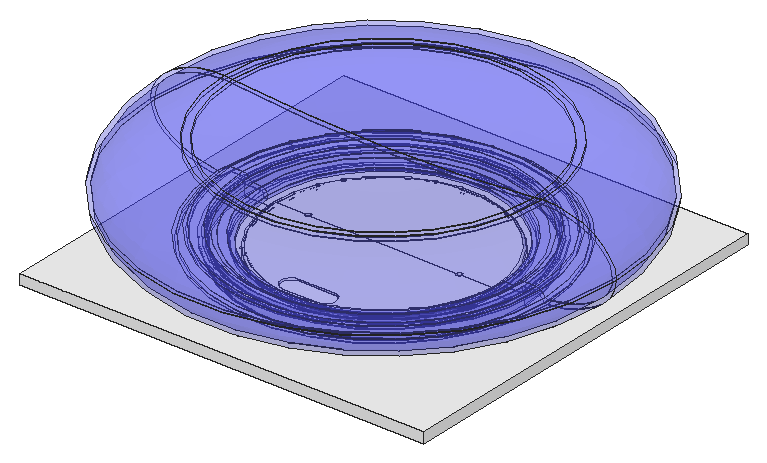
Revit family "BE_23322_de_DE", category Leuchten, Revit 2015
Parameters (values of type "BEGA_23322_K4")
  built-in parameter 1150104 = 12.627 (stored number, unit not read)
  Wattage = 17.4 W
  Default Elevation = 0 mm
  built-in parameter 1150113 = 1 (stored number, unit not read)
  built-in parameter 1114218 = 1 (stored number, unit not read)
  Umgebungstemperatur = ""
  URL = "http://www.bega.de/produkt/23322"
  Typenkommentare = "© 2017 BEGA. Wir behalten uns das Recht vor, technische Änderungen ohne vorherige Ankündigung vorzunehmen."  # constant formula
  built-in parameter 1150134 = 12
  built-in parameter 1150109 = 1 (stored number, unit not read)
  Strom = ""
  built-in parameter 1150110 = 1 (stored number, unit not read)
  Spannung = 239.996 V
  Sonderanfertigung = no
  Seriennummer [instance] = "Hier können Sie die eindeutige Seriennummer für das Facility Management eintragen."
  Schutzklasse = "I"
  Schutzart = "IP 20"
  Scheinlast = 0 VA
  Produktdatenblatt = "http://www.bega.de/download/Xrfa/db/23322.db.de.pdf"
  Oberflächentemperatur = ""
  Neigungswinkel = 0.00°
  Modell = "23322K4"
  Material_17 = BEGA_Reflektor
  Material_15 = BEGA_Leuchtmedium_matt
  Material_11 = BEGA_Glas_opal
  Material_09 = BEGA_Glas_klar
  Material_06 = BEGA_Oberfläche_Edelstahl_gebürstet
  Material_05 = BEGA_Oberfläche_Aluminium Guss
  Material_03 = BEGA_Oberfläche_Weiss_matt
  Material_02 = BEGA_Oberfläche_Silber_matt
  Material_01 [instance] = BEGA_Oberfläche_Grafit_matt
  M_W = no
  M_G = no
  M_A = no
  Logo = 0
  built-in parameter 1114217 = 1 (stored number, unit not read)
  built-in parameter 1150139 = (empty or 0)
  built-in parameter 1150105 = 631.68 (stored number, unit not read)
  built-in parameter 1150114 = 1 (stored number, unit not read)
  Lumens = 2365.01 lm
  built-in parameter 1150115 = 1 (stored number, unit not read)
  Leuchtenlichtstrom = "1845 lm"
  Leuchtenanzahl = ""
  Lebensdauerkriterien = "L70 = 50.000 h"
  Lastklassifizierung = Beleuchtung
  built-in parameter 1150112 = 1 (stored number, unit not read)
  Lampenlichtstrom = "2365 lm"
  Lampe = "LED 17.4 W"
  LED_Modulbezeichnung = "LED-0530/840 "
  Hersteller = "BEGA"  # constant formula
  Halbstreuwinkel = ""
  Gewicht = "4.8 kg"
  Gebrauchslageneinschränkung [instance] = ""
  Frequenz = "0/50-60 Hz"
  Farbwiedergabeindex = "Ra > 80"
  Farbtemperaturverschiebung bei Dämpfen der Lampe = <Keine Auswahl>
  Farbtemperatur = "4000 K"
  Color Filter = 16777215
  built-in parameter 1150133 = 10 (stored number, unit not read)
  Energieeffizienzklasse = "LED A++ - A"
  built-in parameter 1150137 = (empty or 0)
  built-in parameter 1150132 = (empty or 0)
  ENEC = ""
  Dimmbar [instance] = ""
  Datei für fotometrisches Netz = "BE_23322K4.IES"
  CE_Konformität = "ja"
  Bestellnummer = "23322K4"
  Beschreibung_Sonderanfertigung = "Hier können Sie Informationen zur Sonderanfertigung eintragen."
  Beschreibung = "Decken- und Wandleuchte"
  built-in parameter 1150106 = 6.3168 (stored number, unit not read)
  Befestigungsbohrung = "Ø 5,5 mm"
  Befestigungsabstand = "150 mm"
  Ballwurfsicher = ""
  BEGA_Intern_aus = yes
  BEGA_Intern_an = yes
  BEGA_Intern_Konstruktion = yes
  BEGA_Intern = yes
  BEGA_IES = yes
  BEGA_Dummy = no
  Anschlussleitung = ""
  Anschlussleistung [instance] = "19.8 W"
  Anschlusskasten = ""
  built-in parameter 1150107 = 4000 (stored number, unit not read)
  built-in parameter 1150102 = (empty or 0)
  built-in parameter 1150138 = (empty or 0)
  Aktualisierung = "2017-06-19T04:08:15"
  Abstand_zur_angestrahlten_Fläche [instance] = ""
  AC/DC = "AC/DC"
Types (2, lengths in mm): name | built-in parameter 1150134 | Modell | LED_Modulbezeichnung | Farbtemperatur | Datei für fotometrisches Netz | Bestellnummer | built-in parameter 1150107
  BEGA_23322_K3 | (empty or 0) | "23322" | "LED-0530/830 " | "3000 K" | "BE_23322.IES" | "23322" | 3000 (stored number, unit not read)
  BEGA_23322_K4 | 12 | "23322K4" | "LED-0530/840 " | "4000 K" | "BE_23322K4.IES" | "23322K4" | 4000 (stored number, unit not read)
Reference planes
  plane 1 "Mitte (Vorne/Hinten)": y = 0
  plane 2: z = 0
  plane 3 "Mitte (Links/Rechts)": x = 0
  plane 4 "Links": x = -230.479
  plane 5 "Rechts": x = 230.479
  plane 6 "Unten": y = -230.5
  plane 7 "Oben": y = 230.5
  plane 8 "Vorne": z = 102.75
  plane 9 "Hinten": z = 0
Forms (mm)
  Extrusion 1, solid, material "BEGA_Platte_Weiss"
    sketch origin (0, -1119.2, 0) x (1, 0, 0) y (0, 1, 0)
      loop
        line (-200, 1319.2) -> (-200, 919.2) -> (200, 919.2) -> (200, 1319.2) -> (-200, 1319.2)
    from 0 to -10
  Extrusion 2, solid, material "BEGA_Dummy_matt", visible <- "BEGA_Dummy"
    sketch origin (77.149, -76.023, 0) x (1, 0, 0) y (0, 1, 0)
      loop
        circle (-77.149, 76.023) r 230
    from 0 to 102.75
Dimensions and locks
  plane 1 "Mitte (Vorne/Hinten)" to Extrusion 1 = 200 mm
  aligned and locked: plane 2 to Extrusion 1
  aligned and locked: level to Extrusion 1
Nested families
  nested 1: "BE_23322" at (0, 0, 0), type "BE_23322"
Connectors
  electrical at (0, 0, 0), driven by "Lastklassifizierung", driven by "Spannung", driven by "Scheinlast"
    settings: index 1, voltage 239.996 V, apparent load 0 VA, apparent load phase1 0 VA, apparent load phase2 0 VA, apparent load phase3 0 VA, power factor 1, load classification "Beleuchtung", number of poles 1, system type 31, power factor state 1, is connector primary yes, connector utility no, sub classification motor no, connector description ""
Definition of nested family "BE_23322"
  Parameters (values of type "BE_23322")
    Default Elevation = 1 mm
    URL = "http://www.bega.de/de/produkt"
    Type Comments = "© 2015 BEGA. Wir behalten uns das Recht vor, technische Änderungen ohne vorherige Ankündigung vorzunehmen. "  # constant formula
    Type Image = (empty or 0)
    Neigungswinkel_um_Z2 = 0.00°
    Neigungswinkel_um_Z1 = 0.00°
    Neigungswinkel_um_Y2 = 0.00°
    Neigungswinkel_um_Y1 = 0.00°
    Neigungswinkel_um_X2 = 0.00°
    Neigungswinkel_um_X1 = 0.00°
    Material_17 = none
    Material_15 = none
    Material_11 = none
    Material_09 = none
    Material_06 = none
    Material_05 = none
    Material_03 = none
    Material_02 = none
    Material_01 = none
    M_W = yes
    M_G = yes
    M_A = yes
    Länge_Platte = 600 mm  # constant formula
    Höhe_Platte = -10 mm  # constant formula
    Manufacturer = "BEGA"  # constant formula
    Drehwinkel_um_Z2 = 0.00°
    Drehwinkel_um_Z1 = 0.00°
    Breite_Platte = 600 mm  # constant formula
  Reference planes
    plane 1 "Mitte (Oben/Unten)": y = 0
    plane 2: z = 0
    plane 3 "Mitte (Links/Rechts)": x = 0
    plane 4: x = -230.479
    plane 5: z = 102.75
    plane 6: x = 230.479
    plane 7: y = -230.5
    plane 8: y = 230.5
  Forms (mm)
    Extrusion 1, solid, detail levels medium
      sketch origin (0, 0, 0) x (1, 0, 0) y (0, 1, 0)
        loop
          line (-300, 300) -> (-300, -300) -> (300, -300) -> (300, 300) -> (-300, 300)
      from 0 to -10 <- "Höhe_Platte"
    Revolve 2, solid, material <- "Material_03", detail levels medium+fine
      sketch origin (0, 0, 0) x (1, 0, 0) y (0, 0, 1)
        loop
          line (-144, 16.5) -> (-144, 15.25) -> (-140.811, 15.25)
          arc (-140.811, 15.25) -> (-140.291, 15.04) -> (-140.062, 14.526) r 0.75
          line (-140.062, 14.526) -> (-139.675, 3.432)
          arc (-139.675, 3.432) -> (-139.066, 2.062) -> (-137.676, 1.5) r 2
          line (-137.676, 1.5) -> (-110.724, 1.5)
          arc (-110.724, 1.5) -> (-109.334, 2.062) -> (-108.725, 3.433) r 2
          line (-108.725, 3.433) -> (-108.652, 5.533)
          arc (-108.652, 5.533) -> (-108.348, 6.219) -> (-107.653, 6.5) r 1
          line (-107.653, 6.5) -> (0, 6.5) -> (0, 7.75) -> (-107.894, 7.75)
          arc (-107.894, 7.75) -> (-109.283, 7.189) -> (-109.893, 5.82) r 2
          line (-109.893, 5.82) -> (-109.966, 3.715)
          arc (-109.966, 3.715) -> (-110.271, 3.031) -> (-110.966, 2.75) r 1
          line (-110.966, 2.75) -> (-137.434, 2.75)
          arc (-137.434, 2.75) -> (-138.129, 3.031) -> (-138.434, 3.715) r 1
          line (-138.434, 3.715) -> (-138.813, 14.57)
          arc (-138.813, 14.57) -> (-139.424, 15.939) -> (-140.814, 16.5) r 2
          line (-140.814, 16.5) -> (-144, 16.5)
        axis (0, 16.5) -> (0, 1.5)
      angle from 0 to 360
    Revolve 3, solid, material <- "Material_11", detail levels medium+fine
      sketch origin (0, 0, 0) x (1, 0, 0) y (0, 0, 1)
        loop
          spline (0, 94.75) -> (-12.57, 94.802) -> (-25.134, 94.958) -> (-37.684, 95.218) -> (-50.215, 95.582) -> (-62.718, 96.05) -> (-75.189, 96.621) -> (-87.619, 97.295) -> (-100.002, 98.072) -> (-112.333, 98.951) -> (-124.603, 99.932) -> (-136.807, 101.014) -> (-148.939, 102.198)
          arc (-148.939, 102.198) -> (-152.902, 102.527) -> (-156.875, 102.71) r 107.041
          spline (-156.875, 102.71) -> (-166.334, 102.553) -> (-175.678, 101.568) -> (-184.739, 99.775) -> (-193.355, 97.204) -> (-201.369, 93.903) -> (-208.637, 89.93) -> (-215.028, 85.358) -> (-220.427, 80.269) -> (-224.736, 74.755) -> (-227.878, 68.915) -> (-229.797, 62.854) -> (-230.456, 56.682)
          spline (-230.456, 56.682) -> (-229.918, 51.395) -> (-228.267, 46.178) -> (-225.525, 41.099) -> (-221.729, 36.226) -> (-216.928, 31.622) -> (-211.186, 27.348) -> (-204.578, 23.46) -> (-197.191, 20.01) -> (-189.124, 17.042) -> (-180.481, 14.597) -> (-171.377, 12.706) -> (-161.931, 11.395)
          arc (-161.931, 11.395) -> (-160.61, 11.551) -> (-159.487, 12.263) r 3
          line (-159.487, 12.263) -> (-152.879, 18.871)
          arc (-152.879, 18.871) -> (-151.905, 19.522) -> (-150.757, 19.75) r 3
          line (-150.757, 19.75) -> (-138.5, 19.75)
          arc (-138.5, 19.75) -> (-137.439, 19.311) -> (-137, 18.25) r 1.5
          line (-137, 18.25) -> (-137, 14.75)
          arc (-137, 14.75) -> (-136.561, 13.689) -> (-135.5, 13.25) r 1.5
          line (-135.5, 13.25) -> (-120.5, 13.25)
          arc (-120.5, 13.25) -> (-119.439, 12.811) -> (-119, 11.75) r 1.5
          line (-119, 11.75) -> (-119, 7.75) -> (-115, 7.75) -> (-115, 11.25)
          arc (-115, 11.25) -> (-116.757, 15.493) -> (-121, 17.25) r 6
          line (-121, 17.25) -> (-128.966, 17.25)
          arc (-128.966, 17.25) -> (-131.682, 18.054) -> (-133.525, 20.204) r 5
          arc (-133.525, 20.204) -> (-135.739, 22.786) -> (-139, 23.75) r 6
          line (-139, 23.75) -> (-151.589, 23.75)
          arc (-151.589, 23.75) -> (-153.501, 23.369) -> (-155.121, 22.285) r 5
          line (-155.121, 22.285) -> (-160.269, 17.137)
          arc (-160.269, 17.137) -> (-161.891, 16.054) -> (-163.804, 15.673) r 5
          spline (-163.804, 15.673) -> (-172.723, 17.032) -> (-181.295, 18.929) -> (-189.397, 21.334) -> (-196.915, 24.213) -> (-203.745, 27.511) -> (-209.787, 31.171) -> (-214.952, 35.13) -> (-219.192, 39.304) -> (-222.468, 43.606) -> (-224.755, 47.956) -> (-226.074, 52.319) -> (-226.456, 56.666)
          spline (-226.456, 56.666) -> (-225.883, 62.035) -> (-224.199, 67.357) -> (-221.392, 72.56) -> (-217.467, 77.564) -> (-212.484, 82.262) -> (-206.516, 86.539) -> (-199.649, 90.288) -> (-192.021, 93.429) -> (-183.781, 95.891) -> (-175.081, 97.61) -> (-166.091, 98.557) -> (-156.985, 98.712)
          arc (-156.985, 98.712) -> (-153.278, 98.543) -> (-149.579, 98.242) r 103.041
          spline (-149.579, 98.242) -> (-137.396, 97.052) -> (-125.139, 95.963) -> (-112.816, 94.976) -> (-100.433, 94.091) -> (-87.996, 93.31) -> (-75.512, 92.632) -> (-62.989, 92.057) -> (-50.431, 91.587) -> (-37.847, 91.221) -> (-25.242, 90.959) -> (-12.625, 90.802) -> (0, 90.75)
          line (0, 90.75) -> (0, 94.75)
        axis (0, 102.71) -> (0, 7.75)
      angle from 0 to 360
    Revolve 4, solid, material <- "Material_03", detail levels medium+fine
      sketch origin (0, 0, 0) x (1, 0, 0) y (0, 0, 1)
        loop
          arc (-126.97, 2.123) -> (-123.644, 0.543) -> (-120, 0) r 12.498
          line (-120, 0) -> (-120, 2.123) -> (-126.97, 2.123)
        axis (-120, 0) -> (-120, 2.123)
      angle from 0 to 360
    Extrusion 5, void
      sketch origin (0, 0, 0) x (1, 0, 0) y (0, 1, 0)
        loop
          circle (-75, 0) r 2.75
        loop
          line (17, -83) -> (-17, -83)
          arc (-17, -83) -> (-27, -93) -> (-17, -103) r 10
          line (-17, -103) -> (17, -103)
          arc (17, -103) -> (27, -93) -> (17, -83) r 10
        loop
          circle (75, 0) r 2.75
      from 0 to 10
    Revolve 6, solid, material <- "Material_03", detail levels medium+fine
      sketch origin (0, 0, 0) x (0, -1, 0) y (0, 0, 1)
        loop
          arc (-126.97, 2.123) -> (-123.644, 0.543) -> (-120, 0) r 12.498
          line (-120, 0) -> (-120, 2.123) -> (-126.97, 2.123)
        axis (-120, 0) -> (-120, 2.123)
      angle from 0 to 360
    Revolve 7, solid, material <- "Material_03", detail levels medium+fine
      sketch origin (0, 0, 0) x (0, 1, 0) y (0, 0, 1)
        loop
          arc (-126.97, 2.123) -> (-123.644, 0.543) -> (-120, 0) r 12.498
          line (-120, 0) -> (-120, 2.123) -> (-126.97, 2.123)
        axis (-120, 0) -> (-120, 2.123)
      angle from 0 to 360
    Revolve 8, solid, material <- "Material_03", detail levels medium+fine
      sketch origin (0, 0, 0) x (-1, 0, 0) y (0, 0, 1)
        loop
          arc (-126.97, 2.123) -> (-123.644, 0.543) -> (-120, 0) r 12.498
          line (-120, 0) -> (-120, 2.123) -> (-126.97, 2.123)
        axis (-120, 0) -> (-120, 2.123)
      angle from 0 to 360
  Cuts and joins
    Extrusion 5 cuts Revolve 2
    Extrusion 5 cuts Revolve 4
    joined: Revolve 2, Revolve 4, Revolve 6, Revolve 7, Revolve 8
  Dimensions and locks
    equal spacing: Extrusion 1 sketch curve, plane 3 "Mitte (Links/Rechts)", Extrusion 1 sketch curve
    equal spacing: Extrusion 1 sketch curve, plane 1 "Mitte (Oben/Unten)", Extrusion 1 sketch curve
    "Länge_Platte": Extrusion 1 sketch curve to Extrusion 1 sketch curve
    "Breite_Platte": Extrusion 1 sketch curve to Extrusion 1 sketch curve
    aligned and locked: Extrusion 1 to plane 2
    aligned and locked: level to Extrusion 1
  Automatic sketch dimensions
    Revolve 4 sketch curve to Revolve 4 sketch curve = 6.969 mm
    Revolve 4 sketch curve to Revolve 4 sketch curve = 6.97 mm
    Revolve 4 sketch curve to Revolve 4 sketch curve = 2.123 mm
    Revolve 4 sketch curve to Revolve 4 sketch curve = 0 mm
    Revolve 4 sketch curve to Revolve 4 sketch curve = 0.59 mm
    Revolve 4 sketch curve to Revolve 4 sketch curve = 1.377 mm
    Revolve 2 sketch curve to plane 3 "Mitte (Links/Rechts)" = 0 mm  (x2)
    level to Revolve 2 sketch curve = 5.5 mm
    level to Revolve 2 sketch curve = 5.533 mm
    Revolve 2 sketch curve to Revolve 2 sketch curve = 0.758 mm  (x3)
    level to Revolve 2 sketch curve = 3.433 mm
    Revolve 2 sketch curve to Revolve 2 sketch curve = 0.073 mm
    level to Revolve 2 sketch curve = 3.715 mm  (x2)
    Revolve 2 sketch curve to Revolve 2 sketch curve = 1.241 mm  (x3)
    Revolve 2 sketch curve to Revolve 2 sketch curve = 0.241 mm  (x5)
    level to Revolve 2 sketch curve = 3.75 mm
    Revolve 2 sketch curve to Revolve 2 sketch curve = 26.469 mm
    level to Revolve 2 sketch curve = 3.432 mm
    level to Revolve 2 sketch curve = 14.526 mm
    Revolve 2 sketch curve to Revolve 2 sketch curve = 1.628 mm
    Revolve 2 sketch curve to Revolve 2 sketch curve = 0.749 mm
    Revolve 2 sketch curve to Revolve 2 sketch curve = 0.002 mm  (x2)
    Revolve 2 sketch curve to Revolve 2 sketch curve = 3.186 mm
    Revolve 2 sketch curve to Revolve 2 sketch curve = 0.25 mm  (x4)
    Revolve 2 sketch curve to Revolve 2 sketch curve = 1.25 mm  (x2)
    Revolve 2 sketch curve to Revolve 2 sketch curve = 0.026 mm
    Revolve 2 sketch curve to Revolve 2 sketch curve = 0.001 mm
    level to Revolve 2 sketch curve = 5.82 mm
    Revolve 2 sketch curve to Revolve 2 sketch curve = 0 mm  (x6)
    level to Revolve 2 sketch curve = 14.57 mm
    Revolve 2 sketch curve to Revolve 2 sketch curve = 1.249 mm
    Revolve 6 sketch curve to Revolve 6 sketch curve = 6.969 mm
    Revolve 6 sketch curve to Revolve 6 sketch curve = 6.97 mm
    Revolve 6 sketch curve to Revolve 6 sketch curve = 2.123 mm
    Revolve 6 sketch curve to Revolve 6 sketch curve = 0 mm
    Revolve 6 sketch curve to Revolve 6 sketch curve = 0.59 mm
    Revolve 6 sketch curve to Revolve 6 sketch curve = 1.377 mm
    Revolve 7 sketch curve to Revolve 7 sketch curve = 6.969 mm
    Revolve 7 sketch curve to Revolve 7 sketch curve = 6.97 mm
    Revolve 7 sketch curve to Revolve 7 sketch curve = 2.123 mm
    Revolve 7 sketch curve to Revolve 7 sketch curve = 0 mm
    Revolve 7 sketch curve to Revolve 7 sketch curve = 0.59 mm
    Revolve 7 sketch curve to Revolve 7 sketch curve = 1.377 mm
    Revolve 8 sketch curve to Revolve 8 sketch curve = 6.969 mm
    Revolve 8 sketch curve to Revolve 8 sketch curve = 6.97 mm
    Revolve 8 sketch curve to Revolve 8 sketch curve = 2.123 mm
    Revolve 8 sketch curve to Revolve 8 sketch curve = 0 mm
    Revolve 8 sketch curve to Revolve 8 sketch curve = 0.59 mm
    Revolve 8 sketch curve to Revolve 8 sketch curve = 1.377 mm
    Revolve 4 sketch curve to level = 0 mm
    Revolve 6 sketch curve to level = 0 mm
    Revolve 7 sketch curve to level = 0 mm
    Revolve 8 sketch curve to level = 0 mm
    plane 1 "Mitte (Oben/Unten)" to Extrusion 5 sketch curve = 0 mm  (x2)
    Extrusion 5 sketch curve to plane 3 "Mitte (Links/Rechts)" = 75 mm
    Extrusion 5 sketch curve to plane 3 "Mitte (Links/Rechts)" = 17 mm
    plane 3 "Mitte (Links/Rechts)" to Extrusion 5 sketch curve = 17 mm
    plane 3 "Mitte (Links/Rechts)" to Extrusion 5 sketch curve = 75 mm
    plane 1 "Mitte (Oben/Unten)" to Extrusion 5 sketch curve = 83 mm
    Extrusion 5 sketch curve to Extrusion 5 sketch curve = 10 mm
    level to Revolve 3 sketch curve = 15.673 mm
    Revolve 3 sketch curve to Revolve 3 sketch curve = 0.001 mm
    Revolve 3 sketch curve to Revolve 3 sketch curve = 2.189 mm
    Revolve 3 sketch curve to level = 4.291 mm
    Revolve 3 sketch curve to Revolve 3 sketch curve = 1.815 mm
    Revolve 3 sketch curve to Revolve 3 sketch curve = 0 mm  (x27)
    level to Revolve 3 sketch curve = 12.263 mm
    Revolve 3 sketch curve to Revolve 3 sketch curve = 2.128 mm
    Revolve 3 sketch curve to Revolve 3 sketch curve = 8.684 mm
    Revolve 3 sketch curve to Revolve 3 sketch curve = 3.532 mm
    Revolve 3 sketch curve to Revolve 3 sketch curve = 3.536 mm  (x2)
    Revolve 3 sketch curve to Revolve 3 sketch curve = 0.828 mm
    Revolve 3 sketch curve to Revolve 3 sketch curve = 11.757 mm
    Revolve 3 sketch curve to Revolve 3 sketch curve = 0.5 mm  (x5)
    Revolve 3 sketch curve to Revolve 3 sketch curve = 3 mm  (x2)
    Revolve 3 sketch curve to Revolve 3 sketch curve = 6.534 mm
    Revolve 3 sketch curve to Revolve 3 sketch curve = 0.003 mm
    Revolve 3 sketch curve to Revolve 3 sketch curve = 7.966 mm
    Revolve 3 sketch curve to Revolve 3 sketch curve = 2 mm  (x2)
    Revolve 3 sketch curve to Revolve 3 sketch curve = 4 mm  (x3)
    plane 3 "Mitte (Links/Rechts)" to Revolve 3 sketch curve = 0 mm
    level to Revolve 3 sketch curve = 7.75 mm
    Revolve 3 sketch curve to Revolve 3 sketch curve = 3.5 mm  (x2)
    Revolve 3 sketch curve to Revolve 3 sketch curve = 1.295 mm
    level to Revolve 3 sketch curve = 14.75 mm
    Revolve 3 sketch curve to Revolve 3 sketch curve = 4.487 mm
    Revolve 3 sketch curve to Revolve 3 sketch curve = 2.5 mm
    Revolve 3 sketch curve to Revolve 3 sketch curve = 1 mm
    Revolve 3 sketch curve to Revolve 3 sketch curve = 5 mm  (x2)
    level to Revolve 3 sketch curve = 90.75 mm
    Revolve 3 sketch curve to Revolve 3 sketch curve = 2.129 mm
    Revolve 3 sketch curve to Revolve 3 sketch curve = 2.444 mm
    Revolve 3 sketch curve to Revolve 3 sketch curve = 1.345 mm
    level to Revolve 3 sketch curve = 17.137 mm
    Revolve 3 sketch curve to Revolve 3 sketch curve = 8.411 mm
    Revolve 3 sketch curve to Revolve 3 sketch curve = 0.109 mm
    level to Revolve 3 sketch curve = 18.871 mm
    Revolve 3 sketch curve to Revolve 3 sketch curve = 1.293 mm
    Revolve 3 sketch curve to Revolve 3 sketch curve = 0.64 mm
    Revolve 3 sketch curve to Revolve 3 sketch curve = 14.543 mm
    Revolve 3 sketch curve to Revolve 3 sketch curve = 1.5 mm  (x2)
    Revolve 3 sketch curve to Revolve 3 sketch curve = 3.475 mm
    plane 3 "Mitte (Links/Rechts)" to Revolve 3 sketch curve = 0.023 mm
    plane 3 "Mitte (Links/Rechts)" to Revolve 3 sketch curve = 0.034 mm
    Revolve 3 sketch curve to Revolve 3 sketch curve = 0.193 mm
    Revolve 3 sketch curve to Revolve 3 sketch curve = 0.068 mm
    Revolve 3 sketch curve to Revolve 3 sketch curve = 3.306 mm
    Revolve 2 sketch curve to plane 3 "Mitte (Links/Rechts)" = 107.653 mm
    Revolve 3 sketch curve to plane 3 "Mitte (Links/Rechts)" = 115 mm
    Revolve 3 sketch curve to Revolve 3 sketch curve = 3.015 mm
    level to Revolve 3 sketch curve = 56.666 mm
    Revolve 3 sketch curve to Revolve 3 sketch curve = 66.456 mm
    Revolve 3 sketch curve to Revolve 3 sketch curve = 3.998 mm
    Revolve 3 sketch curve to Revolve 3 sketch curve = 7.937 mm
    level to Revolve 3 sketch curve = 290.397 mm
    Revolve 4 sketch curve to plane 3 "Mitte (Links/Rechts)" = 126.97 mm
    plane 3 "Mitte (Links/Rechts)" to Revolve 8 sketch curve = 126.97 mm
    plane 1 "Mitte (Oben/Unten)" to Revolve 7 sketch curve = 126.97 mm
    Revolve 6 sketch curve to plane 1 "Mitte (Oben/Unten)" = 126.97 mm
    radius of Extrusion 5 sketch curve = 2.75 mm  (x2)
